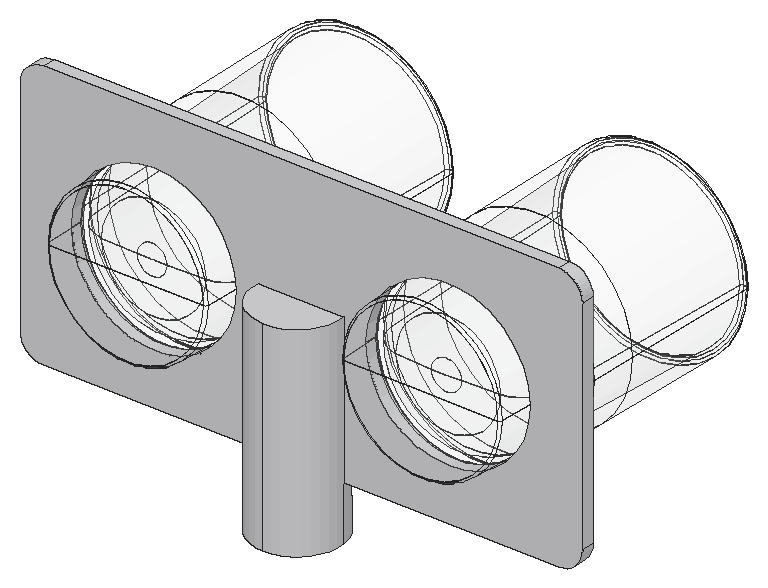
Revit family "Accessory-Tumbler-KOHLER-JULY-K-72900T_1", category Specialty Equipment, host Face, Revit 2017
Family settings
  Host = Face
  Round Connector Dimension = Use Diameter
  Part Type = Normal
  OmniClass Number = 23.31.25.00
  Cut with Voids When Loaded = No
  Shared = No
  Room Calculation Point = No
Parameters (values of type "CP-Polished Chrome")
  Width = 8 69/256"  # constant formula
  WaterSense Certified = 1 = 0  # no
  URL = "http://www.kohler.com.cn/"
  Type = 1
  Product Page URL = "https://www.kohler.com.cn/product/K-72900T-CP/K-72900T-CP/"
  Product Name = "JULY"  # constant formula
  Product Documentation Link = "https://files.kohler.com.cn/pdfs/72900T%2072903T%2072905T%209316T.pdf"
  Model = "K-72900T-CP"  # constant formula
  Material = "Premium Metal Construction"  # constant formula
  Master Format 2014 Name = "Toilet, Bath, and Laundry Accessories"  # constant formula
  Master Format 2014 = "10 28 00"  # constant formula
  Manufacturer Address = "Kohler Beijing Office (100016) 36-2-03-B, No. 88, Liuxiang Road, Beijing"  # constant formula
  Manufacturer = "KOHLER Co."  # constant formula
  Length = 4.76378"  # constant formula
  Height = 4.44882"  # constant formula
  Finish = Kohler-Metal-CP-Polished_Chrome
  Environmental Product Declaration = ""
  Description = "Qi Yue double mouthwash cup holder"  # constant formula
  Default Elevation = 42"
  Declare Label = ""
  Date Modified = "09/12/2020"  # constant formula
  Date Created = "09/12/2020"  # constant formula
  Copyright = "Copyright KOHLER Co."  # constant formula
  Contact Us = "http://www.kohler.com.cn/contact/contact-us/"
  Assembly Code = "C1030200"
  ADA Compliant = 1 = 0  # no
Reference planes (in)
  plane 1 "Center (Front/Back)": y = 0
  plane 2: z = 0
  plane 3 "Center (Left/Right)": x = 0
  plane 4: x = -4.13386
  plane 5: x = 4.13567
  plane 6: y = 0.20122
  plane 7: z = 0.80786
  plane 8: x = -2.16535
  plane 9: z = 2.77636
  plane 10: x = 2.16535
  plane 11: y = 1.25984
  plane 12: z = 4.76378
  plane 13: y = 4.44882
  plane 14: y = 0.90181
  plane 15: x = 0.63007
  plane 16: x = -0.63007
  plane 17: x = -3.59826
  plane 18: x = -0.73245
  plane 19: x = 3.59826
  plane 20: x = 0.73245
  plane 21: x = -3.35097
  plane 22: x = -0.97974
  plane 23: x = 3.35097
  plane 24: x = 0.97974
  plane 25: y = 0.70516
  plane 26: y = 0.62847
  plane 27: z = 4.20961
  plane 28: z = 1.34311
Dimensions and locks (in)
  "Length": plane 12 to level
  "Height": plane 1 "Center (Front/Back)" to plane 13
  "Width": plane 4 to plane 5
  plane 13 to plane 14 = 3.54701"
  plane 13 to plane 6 = 4.2476"
  plane 8 to plane 10 = 4.33071"
  plane 9 to plane 12 = 1.98742"
  plane 7 to plane 12 = 3.95592"
  aligned and locked: plane 2 to host face
  aligned and locked: level to host face
Automatic sketch dimensions
  host sketch curve to host sketch curve = 96"  (x2)
Nested families (in)
  nested 1: "K-72900T" at (0, 0, 2.77636) x (1, 0, 0) z (0, 1, 0), type "K-72900T"
Definition of nested family "K-72900T"
  Parameters (values of type "K-72900T")
    Material = none
    Default Elevation = 48"
  Reference planes (in)
    plane 1 "Center (Front/Back)": y = 0
    plane 2: z = 0
    plane 3 "Center (Left/Right)": x = 0
    plane 4: y = -1.98742
    plane 5: x = -2.16535
    plane 6: x = 2.16535
    plane 7: y = 1.9685
    plane 8: z = 4.44882
    plane 9: z = 0.20122
    plane 10: y = 2.77636
    plane 11: x = 4.13386
    plane 12: x = -4.13386
    plane 13: x = 4.13386
    plane 14: z = 0.62847
  Forms (in)
    Extrusion 1, solid, material <- "Material", detail levels medium+fine
      sketch origin (0, 0, 0) x (1, 0, 0) y (0, 1, 0)
        loop
          line (4.13386, -1.62475) -> (4.13386, 1.62401)
          arc (4.13386, 1.62401) -> (4.03318, 1.86708) -> (3.79011, 1.96776) r 0.34375
          line (3.79011, 1.96776) -> (-3.79011, 1.96776)
          arc (-3.79011, 1.96776) -> (-4.03318, 1.86708) -> (-4.13386, 1.62401) r 0.34375
          line (-4.13386, 1.62401) -> (-4.13386, -1.62475)
          arc (-4.13386, -1.62475) -> (-4.03318, -1.86782) -> (-3.79011, -1.9685) r 0.34375
          line (-3.79011, -1.9685) -> (3.79011, -1.9685)
          arc (3.79011, -1.9685) -> (4.03318, -1.86782) -> (4.13386, -1.62475) r 0.34375
        loop
          circle (2.16535, 0) r 1.21128
        loop
          circle (-2.16535, 0) r 1.2126
      from 0.70516 to 0.90201
    Revolve 2, solid, detail levels medium+fine
      sketch origin (0, 0, 0) x (1, 0, 0) y (0, 0, 1)
        loop
          line (-2.16535, 0.20122) -> (-2.16535, 0.673)
          arc (-2.16535, 0.673) -> (-2.27544, 0.67414) -> (-2.38551, 0.67644) r 10.4634
          arc (-2.38551, 0.67644) -> (-2.65965, 0.68721) -> (-2.93341, 0.70516) r 10.4634
          arc (-2.93341, 0.70516) -> (-3.23566, 0.8525) -> (-3.36526, 1.16277) r 0.47629
          line (-3.36526, 1.16277) -> (-3.47887, 4.41549)
          arc (-3.47887, 4.41549) -> (-3.49077, 4.44222) -> (-3.51791, 4.45319) r 0.03906
          line (-3.51791, 4.45319) -> (-3.55849, 4.45319)
          arc (-3.55849, 4.45319) -> (-3.58647, 4.44163) -> (-3.59813, 4.41354) r 0.03964
          arc (-3.59813, 4.41354) -> (-3.59579, 3.37306) -> (-3.58095, 2.33268) r 86.61255
          arc (-3.58095, 2.33268) -> (-3.57591, 1.98489) -> (-3.5749, 1.63708) r 30.07496
          arc (-3.5749, 1.63708) -> (-3.57445, 1.47179) -> (-3.57215, 1.30652) r 14.78003
          arc (-3.57215, 1.30652) -> (-3.57193, 1.29031) -> (-3.57192, 1.27409) r 1.28516
          arc (-3.57192, 1.27409) -> (-3.57177, 1.17089) -> (-3.57013, 1.06771) r 7.1532
          arc (-3.57013, 1.06771) -> (-3.56928, 1.01864) -> (-3.56899, 0.96956) r 4.24562
          arc (-3.56899, 0.96956) -> (-3.55155, 0.92746) -> (-3.50945, 0.91002) r 0.05954
          line (-3.50945, 0.91002) -> (-3.41594, 0.91002)
          arc (-3.41594, 0.91002) -> (-3.37337, 0.89369) -> (-3.35482, 0.85203) r 0.05958
          line (-3.35482, 0.85203) -> (-3.33868, 0.23925)
          arc (-3.33868, 0.23925) -> (-3.32689, 0.2123) -> (-3.29963, 0.20122) r 0.03906
          line (-3.29963, 0.20122) -> (-2.16535, 0.20122)
        axis (-2.16535, 4.45319) -> (-2.16535, 0.20122)
      angle from 0 to 360
    Revolve 3, solid, detail levels medium+fine
      sketch origin (0, 0, 0) x (-1, 0, 0) y (0, 0, 1)
        loop
          line (-2.16535, 0.20122) -> (-2.16535, 0.673)
          arc (-2.16535, 0.673) -> (-2.27544, 0.67414) -> (-2.38551, 0.67644) r 10.4634
          arc (-2.38551, 0.67644) -> (-2.65965, 0.68721) -> (-2.93341, 0.70516) r 10.4634
          arc (-2.93341, 0.70516) -> (-3.23566, 0.8525) -> (-3.36526, 1.16277) r 0.47629
          line (-3.36526, 1.16277) -> (-3.47887, 4.41553)
          arc (-3.47887, 4.41553) -> (-3.49076, 4.44224) -> (-3.51787, 4.45319) r 0.03902
          line (-3.51787, 4.45319) -> (-3.55849, 4.45319)
          arc (-3.55849, 4.45319) -> (-3.58647, 4.44163) -> (-3.59813, 4.41354) r 0.03964
          arc (-3.59813, 4.41354) -> (-3.59579, 3.37306) -> (-3.58095, 2.33268) r 86.61255
          arc (-3.58095, 2.33268) -> (-3.57591, 1.98489) -> (-3.5749, 1.63708) r 30.07496
          arc (-3.5749, 1.63708) -> (-3.57445, 1.47179) -> (-3.57215, 1.30652) r 14.78003
          arc (-3.57215, 1.30652) -> (-3.57193, 1.29031) -> (-3.57192, 1.27409) r 1.28516
          arc (-3.57192, 1.27409) -> (-3.57177, 1.17089) -> (-3.57013, 1.06771) r 7.1532
          arc (-3.57013, 1.06771) -> (-3.56928, 1.01864) -> (-3.56899, 0.96956) r 4.24562
          arc (-3.56899, 0.96956) -> (-3.55155, 0.92746) -> (-3.50945, 0.91002) r 0.05954
          line (-3.50945, 0.91002) -> (-3.41594, 0.91002)
          arc (-3.41594, 0.91002) -> (-3.37337, 0.89369) -> (-3.35482, 0.85203) r 0.05958
          line (-3.35482, 0.85203) -> (-3.33868, 0.23925)
          arc (-3.33868, 0.23925) -> (-3.32689, 0.2123) -> (-3.29963, 0.20122) r 0.03906
          line (-3.29963, 0.20122) -> (-2.16535, 0.20122)
        axis (-2.16535, 4.45319) -> (-2.16535, 0.20122)
      angle from 0 to 360
    Extrusion 4, solid, material <- "Material", detail levels medium+fine
      sketch origin (0, 2.77636, -0.0008) x (0, 0, -1) y (-1, 0, 0)
        loop
          line (-0.70596, 0.62538) -> (-0.70596, -0.62538)
          arc (-0.70596, -0.62538) -> (-0.21226, -0.4718) -> (-0.00079, 0) r 0.62848
          arc (-0.00079, 0) -> (-0.21322, 0.47073) -> (-0.70596, 0.62538) r 0.63132
      from -2.99213 to 0
    Extrusion 5, solid, material <- "Material", detail levels medium+fine
      sketch origin (0, 2.77636, -0.0008) x (0, 0, -1) y (-1, 0, 0)
        loop
          arc (-0.70596, 0.62538) -> (-1.101, 0.41739) -> (-1.25943, 0) r 0.63082
          arc (-1.25943, 0) -> (-1.10138, -0.41773) -> (-0.70596, -0.62538) r 0.62929
          line (-0.70596, -0.62538) -> (-0.70596, 0.62538)
      from -0.80786 to 0
    Extrusion 6, void
      sketch origin (0, 0, 0) x (0, 1, 0) y (0, 0, 1)
        loop
          line (1.96805, 0.90181) -> (2.10268, 0.90181)
          arc (2.10268, 0.90181) -> (2.37799, 1.00308) -> (2.52203, 1.25863) r 0.42483
          line (2.52203, 1.25863) -> (1.96805, 1.25863) -> (1.96805, 0.90181)
      from -1.2402 to 1.9685
    Extrusion 7, solid, material <- "Material", detail levels coarse
      sketch origin (0, 0, 0) x (1, 0, 0) y (0, 1, 0)
        loop
          circle (-2.16535, 0) r 1.3878
        loop
          circle (2.16535, 0) r 1.3878
        loop
          line (4.13386, 1.96776) -> (-4.13386, 1.96776) -> (-4.13386, -1.9685) -> (4.13386, -1.9685) -> (4.13386, 1.96776)
      from 0.70516 to 0.90201
    Revolve 8, solid, detail levels coarse
      sketch origin (0, 0, 0) x (1, 0, 0) y (0, 0, 1)
        loop
          line (-2.16535, 0.14091) -> (-2.16535, 0.84295) -> (-3.24558, 0.84295) -> (-3.3452, 1.01548) -> (-3.46758, 4.52016) -> (-3.74334, 4.52016) -> (-3.61822, 0.93719) -> (-3.48425, 0.70516) -> (-3.42312, 0.14091) -> (-2.16535, 0.14091)
        axis (-2.16535, 4.52016) -> (-2.16535, 0.14091)
      angle from 0 to 360
    Revolve 9, solid, detail levels coarse
      sketch origin (0, 0, 0) x (-1, 0, 0) y (0, 0, 1)
        loop
          line (-2.16535, 0.14091) -> (-2.16535, 0.84295) -> (-3.24558, 0.84295) -> (-3.3452, 1.01548) -> (-3.46758, 4.52016) -> (-3.74334, 4.52016) -> (-3.61822, 0.93719) -> (-3.48425, 0.70516) -> (-3.42312, 0.14091) -> (-2.16535, 0.14091)
        axis (-2.16535, 4.52016) -> (-2.16535, 0.14091)
      angle from 0 to 360
    Extrusion 10, solid, material <- "Material", detail levels coarse
      sketch origin (0, 0, 0) x (1, 0, 0) y (0, 0, 1)
        loop
          line (0.62538, 0.70516) -> (-0.62538, 0.70516)
          arc (-0.62538, 0.70516) -> (-0.47073, 0.21242) -> (0, -0.00001) r 0.63132
          arc (0, -0.00001) -> (0.4718, 0.21146) -> (0.62538, 0.70516) r 0.62848
      from -2.77636 to 0.21576
    Extrusion 11, solid, material <- "Material", detail levels coarse
      sketch origin (0, 0, 0) x (1, 0, 0) y (0, 0, 1)
        loop
          arc (0, 1.25863) -> (-0.41739, 1.1002) -> (-0.62538, 0.70516) r 0.63082
          line (-0.62538, 0.70516) -> (0.62538, 0.70516)
          arc (0.62538, 0.70516) -> (0.41773, 1.10058) -> (0, 1.25863) r 0.62929
      from -2.77636 to -2.14248
  Cuts and joins
    Extrusion 6 cuts Extrusion 5
    joined: Extrusion 4, Extrusion 5
    joined: Extrusion 10, Extrusion 11
    joined: Revolve 8, Revolve 9
    joined: Revolve 2, Revolve 3
  Lines and regions (in)
    Masking region 1
      outline origin (0, 0, 0) x (1, 0, 0) y (0, 1, 0)
        loop
          line (4.13386, -1.57616) -> (4.13386, 1.57616)
          arc (4.13386, 1.57616) -> (4.12888, 1.65302) -> (4.11438, 1.72868) r 0.61734
          arc (4.11438, 1.72868) -> (4.09016, 1.79155) -> (4.05219, 1.84721) r 0.29197
          arc (4.05219, 1.84721) -> (3.99157, 1.90371) -> (3.9173, 1.94046) r 0.28591
          arc (3.9173, 1.94046) -> (3.82983, 1.96145) -> (3.74016, 1.9685) r 0.57346
          line (3.74016, 1.9685) -> (0.63007, 1.9685) -> (0.63007, 2.77636) -> (-0.63008, 2.77636) -> (-0.63008, 1.9685) -> (-3.74016, 1.9685)
          arc (-3.74016, 1.9685) -> (-3.82983, 1.96145) -> (-3.9173, 1.94046) r 0.57346
          arc (-3.9173, 1.94046) -> (-3.99157, 1.90371) -> (-4.05219, 1.84721) r 0.28591
          arc (-4.05219, 1.84721) -> (-4.09016, 1.79155) -> (-4.11438, 1.72868) r 0.29197
          arc (-4.11438, 1.72868) -> (-4.12897, 1.65235) -> (-4.13386, 1.5748) r 0.61734
          line (-4.13386, 1.5748) -> (-4.13386, -1.5748)
          arc (-4.13386, -1.5748) -> (-4.12897, -1.65235) -> (-4.11438, -1.72868) r 0.61734
          arc (-4.11438, -1.72868) -> (-4.09016, -1.79155) -> (-4.05219, -1.84721) r 0.29197
          arc (-4.05219, -1.84721) -> (-4.01975, -1.8815) -> (-3.98211, -1.90998) r 0.28591
          arc (-3.98211, -1.90998) -> (-3.8661, -1.96423) -> (-3.74016, -1.98742) r 0.50274
          line (-3.74016, -1.98742) -> (3.74016, -1.98742)
          arc (3.74016, -1.98742) -> (3.8661, -1.96423) -> (3.98211, -1.90998) r 0.50274
          arc (3.98211, -1.90998) -> (4.01975, -1.8815) -> (4.05219, -1.84721) r 0.28591
          arc (4.05219, -1.84721) -> (4.09016, -1.79155) -> (4.11438, -1.72868) r 0.29197
          arc (4.11438, -1.72868) -> (4.12888, -1.65302) -> (4.13386, -1.57616) r 0.61734
    Masking region 2
      outline origin (0, 2.77636, -0.0008) x (0, 0, -1) y (-1, 0, 0)
        loop
          line (-0.90281, 4.13386) -> (-0.90281, 3.37795)
          arc (-0.90281, 3.37795) -> (-0.90868, 3.39375) -> (-0.91068, 3.41049) r 0.07117
          line (-0.91068, 3.41049) -> (-0.91068, 3.51152)
          arc (-0.91068, 3.51152) -> (-0.92781, 3.55215) -> (-0.96858, 3.56894) r 0.0579
          arc (-0.96858, 3.56894) -> (-1.03369, 3.56932) -> (-1.0988, 3.57044) r 5.64236
          arc (-1.0988, 3.57044) -> (-1.27267, 3.57344) -> (-1.44657, 3.57439) r 14.8384
          arc (-1.44657, 3.57439) -> (-1.87822, 3.57591) -> (-2.30984, 3.58077) r 55.7829
          arc (-2.30984, 3.58077) -> (-3.14013, 3.59148) -> (-3.97046, 3.5985) r 186.95784
          arc (-3.97046, 3.5985) -> (-4.19216, 3.5991) -> (-4.41386, 3.59813) r 31.35311
          arc (-4.41386, 3.59813) -> (-4.43497, 3.59213) -> (-4.44962, 3.57621) r 0.04013
          line (-4.44962, 3.57621) -> (-4.44962, 0.7545)
          arc (-4.44962, 0.7545) -> (-4.43497, 0.73858) -> (-4.41418, 0.73258) r 0.04013
          arc (-4.41418, 0.73258) -> (-4.19216, 0.73161) -> (-3.97046, 0.73221) r 31.35311
          arc (-3.97046, 0.73221) -> (-3.14013, 0.73923) -> (-2.30984, 0.74994) r 186.95784
          arc (-2.30984, 0.74994) -> (-1.87822, 0.7548) -> (-1.44657, 0.75631) r 55.7829
          arc (-1.44657, 0.75631) -> (-1.27267, 0.75727) -> (-1.0988, 0.76027) r 14.8384
          arc (-1.0988, 0.76027) -> (-1.03369, 0.76139) -> (-0.96858, 0.76177) r 5.64236
          arc (-0.96858, 0.76177) -> (-0.92909, 0.77732) -> (-0.91082, 0.81563) r 0.0579
          line (-0.91082, 0.81563) -> (-0.91082, 0.91859)
          arc (-0.91082, 0.91859) -> (-0.90879, 0.93516) -> (-0.90281, 0.95073) r 0.06846
          line (-0.90281, 0.95073) -> (-0.90281, 0.56782)
          arc (-0.90281, 0.56782) -> (-1.16304, 0.33537) -> (-1.25943, 0) r 0.62929
          arc (-1.25943, 0) -> (-1.16304, -0.33536) -> (-0.90281, -0.56782) r 0.62929
          line (-0.90281, -0.56782) -> (-0.90281, -0.95073)
          arc (-0.90281, -0.95073) -> (-0.90879, -0.93516) -> (-0.91082, -0.91859) r 0.06846
          line (-0.91082, -0.91859) -> (-0.91082, -0.81563)
          arc (-0.91082, -0.81563) -> (-0.92909, -0.77732) -> (-0.96858, -0.76177) r 0.0579
          arc (-0.96858, -0.76177) -> (-1.03369, -0.76139) -> (-1.0988, -0.76027) r 5.64236
          arc (-1.0988, -0.76027) -> (-1.27267, -0.75727) -> (-1.44657, -0.75631) r 14.8384
          arc (-1.44657, -0.75631) -> (-1.87822, -0.7548) -> (-2.30984, -0.74994) r 55.7829
          arc (-2.30984, -0.74994) -> (-3.14013, -0.73923) -> (-3.97046, -0.73221) r 186.95784
          arc (-3.97046, -0.73221) -> (-4.19216, -0.73161) -> (-4.41386, -0.73258) r 31.35311
          arc (-4.41386, -0.73258) -> (-4.43497, -0.73858) -> (-4.44962, -0.7545) r 0.04013
          line (-4.44962, -0.7545) -> (-4.44962, -3.57621)
          arc (-4.44962, -3.57621) -> (-4.43497, -3.59213) -> (-4.41418, -3.59813) r 0.04013
          arc (-4.41418, -3.59813) -> (-4.19216, -3.5991) -> (-3.97046, -3.5985) r 31.35311
          arc (-3.97046, -3.5985) -> (-3.14013, -3.59148) -> (-2.30984, -3.58077) r 186.95784
          arc (-2.30984, -3.58077) -> (-1.87822, -3.57591) -> (-1.44657, -3.57439) r 55.7829
          arc (-1.44657, -3.57439) -> (-1.27267, -3.57344) -> (-1.0988, -3.57044) r 14.8384
          arc (-1.0988, -3.57044) -> (-1.03369, -3.56932) -> (-0.96858, -3.56894) r 5.64236
          arc (-0.96858, -3.56894) -> (-0.92781, -3.55215) -> (-0.91068, -3.51152) r 0.0579
          line (-0.91068, -3.51152) -> (-0.91068, -3.41449)
          arc (-0.91068, -3.41449) -> (-0.90856, -3.39825) -> (-0.90281, -3.38291) r 0.07157
          line (-0.90281, -3.38291) -> (-0.90281, -4.13386) -> (-0.70596, -4.13386) -> (-0.70596, -3.35097) -> (-0.24014, -3.33868)
          arc (-0.24014, -3.33868) -> (-0.21287, -3.32379) -> (-0.20202, -3.29468) r 0.04445
          line (-0.20202, -3.29468) -> (-0.20202, -1.03602)
          arc (-0.20202, -1.03602) -> (-0.21287, -1.00692) -> (-0.24014, -0.99202) r 0.04445
          line (-0.24014, -0.99202) -> (-0.70596, -0.97974) -> (-0.70596, -0.62538)
          arc (-0.70596, -0.62538) -> (-0.21226, -0.4718) -> (-0.00079, 0) r 0.62848
          arc (-0.00079, 0) -> (-0.21226, 0.4718) -> (-0.70596, 0.62538) r 0.62848
          line (-0.70596, 0.62538) -> (-0.70596, 0.97974) -> (-0.24014, 0.99202)
          arc (-0.24014, 0.99202) -> (-0.21287, 1.00692) -> (-0.20202, 1.03602) r 0.04445
          line (-0.20202, 1.03602) -> (-0.20202, 3.29468)
          arc (-0.20202, 3.29468) -> (-0.21287, 3.32379) -> (-0.24014, 3.33868) r 0.04445
          line (-0.24014, 3.33868) -> (-0.70596, 3.35097) -> (-0.70596, 4.13386) -> (-0.90281, 4.13386)
    Masking region 3
      outline origin (0, 0, 0) x (0, 1, 0) y (0, 0, 1)
        loop
          line (-1.3408, 0.90988) -> (-1.3878, 0.90988) -> (-1.42063, 0.90201) -> (-1.9685, 0.90201) -> (-1.9685, 0.70516) -> (-1.18559, 0.70516) -> (-1.1736, 0.24319)
          arc (-1.1736, 0.24319) -> (-1.15626, 0.20915) -> (-1.11889, 0.20122) r 0.04435
          line (-1.11889, 0.20122) -> (-0.21576, 0.20122) -> (-0.21576, -0.00001) -> (2.77636, -0.00001) -> (2.77636, 1.25863) -> (2.52203, 1.25863)
          arc (2.52203, 1.25863) -> (2.38292, 1.00735) -> (2.11571, 0.90201) r 0.42483
          line (2.11571, 0.90201) -> (1.42063, 0.90201) -> (1.3878, 0.90988) -> (1.3408, 0.90988)
          arc (1.3408, 0.90988) -> (1.38384, 0.92534) -> (1.40334, 0.9667) r 0.05975
          arc (1.40334, 0.9667) -> (1.40549, 1.23465) -> (1.40681, 1.5026) r 85.89506
          arc (1.40681, 1.5026) -> (1.41388, 2.25576) -> (1.43006, 3.00878) r 62.28725
          arc (1.43006, 3.00878) -> (1.4351, 3.327) -> (1.43272, 3.64525) r 13.62943
          arc (1.43272, 3.64525) -> (1.42904, 4.02922) -> (1.43272, 4.41318) r 20.02881
          arc (1.43272, 4.41318) -> (1.4195, 4.43862) -> (1.39272, 4.44882) r 0.04027
          line (1.39272, 4.44882) -> (-1.39272, 4.44882)
          arc (-1.39272, 4.44882) -> (-1.4195, 4.43862) -> (-1.43272, 4.41318) r 0.04027
          arc (-1.43272, 4.41318) -> (-1.42904, 4.02922) -> (-1.43272, 3.64525) r 20.02881
          arc (-1.43272, 3.64525) -> (-1.4351, 3.327) -> (-1.43006, 3.00878) r 13.62943
          arc (-1.43006, 3.00878) -> (-1.41388, 2.25576) -> (-1.40681, 1.5026) r 62.28725
          arc (-1.40681, 1.5026) -> (-1.40549, 1.23465) -> (-1.40334, 0.9667) r 85.89506
          arc (-1.40334, 0.9667) -> (-1.38384, 0.92534) -> (-1.3408, 0.90988) r 0.05975
    symbolic lines, detail levels medium+fine
      curve 1: circle (-2.16535, 0, 0) r 1.43307 normal (0, 0, 1)
      curve 2: circle (-2.16535, 0, 0) r 1.31342 normal (0, 0, 1)
      curve 3: circle (-2.16535, 0, 0) r 0.76806 normal (0, 0, 1)
      curve 4: circle (2.16535, 0, 0) r 1.43307 normal (0, 0, -1)
      curve 5: circle (2.16535, 0, 0) r 1.31342 normal (0, 0, -1)
      curve 6: circle (2.16535, 0, 0) r 0.76806 normal (0, 0, -1)
      curve 7: line (-0.56792, 2.10268, 0) -> (-0.56792, 1.9685, 0)
      curve 8: arc (-0.54454, 2.29274, 0) -> (-0.56205, 2.19843, 0) -> (-0.56792, 2.10268, 0) r 0.78411
      curve 9: arc (-0.33477, 2.49536, 0) -> (-0.46867, 2.42409, 0) -> (-0.54454, 2.29274, 0) r 0.27544
      curve 10: arc (0, 2.52203, 0) -> (-0.16826, 2.51965, 0) -> (-0.33477, 2.49536, 0) r 1.28877
      curve 11: line (0.63007, 1.9685, 0) -> (-0.63008, 1.9685, 0)
      curve 12: line (0.56792, 2.10268, 0) -> (0.56792, 1.9685, 0)
      curve 13: arc (0.54454, 2.29274, 0) -> (0.56205, 2.19843, 0) -> (0.56792, 2.10268, 0) r 0.78411
      curve 14: arc (0.33477, 2.49536, 0) -> (0.46867, 2.42409, 0) -> (0.54454, 2.29274, 0) r 0.27544
      curve 15: arc (0, 2.52203, 0) -> (0.16826, 2.51965, 0) -> (0.33477, 2.49536, 0) r 1.28877
      curve 16: line (0.97974, 2.77636, 0.70516) -> (3.35097, 2.77636, 0.70516)
      curve 17: line (3.58473, 2.77636, 0.90201) -> (0.74598, 2.77636, 0.90201)
      curve 18: line (-0.74598, 2.77636, 0.90201) -> (-3.58473, 2.77636, 0.90201)
      curve 19: line (-3.35097, 2.77636, 0.70516) -> (-0.97974, 2.77636, 0.70516)
      curve 20: line (-0.92284, 2.77636, 0.90988) -> (-3.41074, 2.77636, 0.90988)
      curve 21: line (0.92284, 2.77636, 0.90988) -> (3.41449, 2.77636, 0.90988)
      curve 22: line (0.99202, 2.77636, 0.23934) -> (3.33868, 2.77636, 0.23934)
      curve 23: line (-3.33868, 2.77636, 0.23934) -> (-0.99202, 2.77636, 0.23934)
      curve 24: line (3.35097, 0, 0.70516) -> (3.48425, 0, 0.70516)
      curve 25: line (0.97974, 0, 0.70516) -> (0.84646, 0, 0.70516)
      curve 26: line (-0.97974, 0, 0.70516) -> (-0.84646, 0, 0.70516)
      curve 27: line (-3.35097, 0, 0.70516) -> (-3.48425, 0, 0.70516)
      curve 28: line (0, -1.3408, 0.90988) -> (0, 1.34652, 0.90988)
      curve 29: line (0, 1.42063, 0.90201) -> (0, -1.42063, 0.90201)
      curve 30: line (0, -1.3498, 0.70516) -> (0, 1.9685, 0.70516)
      curve 31: line (0, 1.18559, 0.70516) -> (0, 1.1736, 0.24319)
      curve 32: arc (0, 1.1736, 0.24319) -> (0, 1.15626, 0.20915) -> (0, 1.11889, 0.20122) r 0.04435
      curve 33: line (0, -1.17295, 0.23934) -> (0, 1.17333, 0.23934)
      curve 34: line (0, -0.21576, 0.20122) -> (0, 1.11889, 0.20122)
      curve 35: line (0, 1.9685, 0.70516) -> (0, 1.9685, 0.90181)
      curve 36: line (-0.56753, 0, 0.90181) -> (0.56792, 0, 0.90181)
      curve 37: line (-0.62538, 0, 0.70516) -> (0.62538, 0, 0.70516)
      curve 38: circle (-2.16535, 0, 0) r 1.28304 normal (0, 0, 1)
      curve 39: circle (-2.16535, 0, 0) r 1.40581 normal (0, 0, 1)
      curve 40: circle (2.16535, 0, 0) r 1.28304 normal (0, 0, -1)
      curve 41: circle (2.16535, 0, 0) r 1.40581 normal (0, 0, -1)
  Dimensions and locks (in)
    plane 1 "Center (Front/Back)" to plane 4 = 1.98742"
    plane 5 to plane 6 = 4.33071"
    plane 4 to plane 7 = 3.95592"
    plane 8 to level = 4.44882"  (x2)
    plane 10 to plane 4 = 4.76378"
    level to plane 8 = 4.44882"
    aligned and locked: level to plane 2
